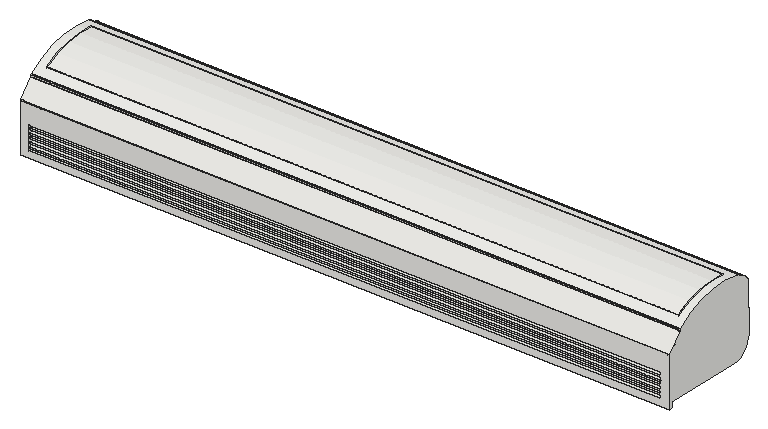
Revit family "ELiS C-E-150-bílá_RFA_2019", category Electrical Fixtures, host Face, Revit 2019
Family settings
  Host = Face
  Maintain Annotation Orientation = No
  Round Connector Dimension = Use Diameter
  Part Type = Normal
  Cut with Voids When Loaded = No
  Shared = No
  Room Calculation Point = No
Parameters (values of type "ELiS C-E-150, 3x400, 3 rychlost")
  Weight of unit = 19.90 kg
  URL = "www.hydronic.cz"
  Type Comments = "vnitřní instalace, neprašné prostředí; IP21; max dosah 3m na 3 rychlost"
  Second Material = FLOWAIR-PerforatedSteel-White
  Rated current = 14.5 A
  Product data = ""
  Product code = "14291; bílá, délka 150cm, elektrická"
  Power supply = 400 V
  Power ratio = 1
  Number of phases = 3
  Manufacturer = "Hydronic Systems Prague s.r.o."
  Main Material = FLOWAIR-Steel-White
  Load classification = Other
  Length = 1500.00 mm  # constant formula
  Heating capacity = 10 kW
  Fan = "Single phase motor with diagonal rotor"
  Description = "Dveřní clona"
  Model = "ELiS C-E-150"
  IP = "21"
  Default Elevation = 2200.00 mm
  Author = ""
  Apparent power = if(Power supply = 400 V, 230 V * 3 * Rated current, 230 V * Rated current)  # 10005 VA
Types (6, lengths in mm): name | Rated current | Power supply | Number of phases | Heating capacity | Apparent power
  ELiS C-E-150, 3x400, 1 rychlost | 13.7 A | 400 V | 3 | 9.5 kW | 9453 VA
  ELiS C-E-150, 3x400, 2 rychlost | 14 A | 400 V | 3 | 9.7 kW | 9660 VA
  ELiS C-E-150, 3x400, 3 rychlost | 14.5 A | 400 V | 3 | 10 kW | 10005 VA
  ELiS C-E-150, 1x230, 1 rychlost | 41.1 A | 230 V | 1 | 9.5 kW | 9453 VA
  ELiS C-E-150, 1x230, 2 rychlost | 42 A | 230 V | 1 | 9.7 kW | 9660 VA
  ELiS C-E-150, 1x230, 3 rychlost | 43.5 A | 230 V | 1 | 10 kW | 10005 VA
Reference planes
  plane 1 "Środek (Przód/Tył)": y = 0
  plane 2: z = 0
  plane 3 "Środek (Lewa/Prawa)": x = 0
Dimensions and locks
  aligned and locked: plane 2 to host face
  aligned and locked: level to host face
  aligned and locked: plane 3 "Środek (Lewa/Prawa)" to nested 1
  aligned and locked: plane 1 "Środek (Przód/Tył)" to nested 1
Nested families
  nested 1: "ELiS C-E" at (0, 0, 0), type "ELiS C-E"
    with długość 1500.00 mm
Connectors
  electrical at (0, 235.182, 54.049), driven by "Power supply", driven by "Apparent power", driven by "Power ratio", driven by "Load classification", driven by "Number of phases"
    settings: on nested 1, index 9, voltage 400 V, apparent load 10005 VA, apparent load phase1 0 VA, apparent load phase2 0 VA, apparent load phase3 0 VA, power factor 1, load classification "Other", number of poles 3, system type 30, power factor state 1, is connector primary yes, connector utility no, sub classification motor no, connector description ""
  electrical at (-59, 235.182, 85.024)
    settings: on nested 1, index 10, voltage 0 V, apparent load 0 VA, apparent load phase1 0 VA, apparent load phase2 0 VA, apparent load phase3 0 VA, power factor 1, load classification "Other", number of poles 1, system type 13, power factor state 1, is connector primary no, connector utility no, sub classification motor no, connector description "TS regulator"
  electrical at (59, 235.182, 85.024)
    settings: on nested 1, index 11, voltage 0 V, apparent load 0 VA, apparent load phase1 0 VA, apparent load phase2 0 VA, apparent load phase3 0 VA, power factor 1, load classification "Other", number of poles 1, system type 13, power factor state 1, is connector primary no, connector utility no, sub classification motor no, connector description "Limit switches"
Definition of nested family "ELiS C-E"
  Parameters
    materiał perforacja = none
    materiał = none
    długość = 1000.00 mm
  Reference planes
    plane 1 "Środek (Przód/Tył)": y = 0
    plane 2: z = 0
    plane 3 "Środek (Lewa/Prawa)": x = 0
    plane 4: x = -500
    plane 5: x = 500
    plane 6: x = -480
    plane 7: x = 480
    plane 8: x = 250
    plane 9: x = -250
  Forms (mm)
    Extrusion 1, solid, material <- "materiał", detail levels medium
      sketch origin (0, 300, 0) x (0, 1, 0) y (0, 0, 1)
        loop
          line (-72.756, 170.564) -> (-81.693, 181.358)
          arc (-81.693, 181.358) -> (-82.051, 181.684) -> (-82.482, 181.903) r 1.8
          line (-82.482, 181.903) -> (-98.157, 187.357)
          arc (-98.157, 187.357) -> (-98.505, 187.566) -> (-98.742, 187.895) r 1
          line (-98.742, 187.895) -> (-99.846, 190.375)
          arc (-99.846, 190.375) -> (-100.355, 191.039) -> (-101.109, 191.402) r 1.8
          arc (-101.109, 191.402) -> (-188.803, 190.806) -> (-267.88, 152.892) r 200.8
          arc (-267.88, 152.892) -> (-268.406, 152.22) -> (-268.563, 151.381) r 1.8
          line (-268.563, 151.381) -> (-268.42, 148.651)
          arc (-268.42, 148.651) -> (-268.477, 148.263) -> (-268.678, 147.927) r 1
          line (-268.678, 147.927) -> (-299.538, 113.654)
          arc (-299.538, 113.654) -> (-299.88, 113.094) -> (-300, 112.449) r 1.8
          line (-300, 112.449) -> (-300, 0) -> (-292.2, 0) -> (-292.2, 13.085) -> (-113.282, 13.085)
          arc (-113.282, 13.085) -> (-84.316, 25.083) -> (-72.318, 54.049) r 40.964
          line (-72.318, 54.049) -> (-72.318, 169.336)
          arc (-72.318, 169.336) -> (-72.431, 169.988) -> (-72.756, 170.564) r 1.943
      from -500 to 500
    Extrusion 2, solid, material <- "materiał", detail levels coarse
      sketch origin (0, 0, 0) x (0, 1, 0) y (0, 0, 1)
        loop
          arc (227.682, 182.867) -> (103.817, 188.954) -> (0, 121.12) r 200.8
          line (0, 121.12) -> (0, 0) -> (227.682, 0) -> (227.682, 182.867)
      from -500 to 500
    Extrusion 3, solid, material <- "materiał", detail levels fine
      sketch origin (0, 0, 0) x (0, 1, 0) y (0, 0, 1)
        loop
          line (227.244, 170.564) -> (218.307, 181.358)
          arc (218.307, 181.358) -> (217.949, 181.684) -> (217.518, 181.903) r 1.8
          line (217.518, 181.903) -> (201.843, 187.357)
          arc (201.843, 187.357) -> (201.495, 187.566) -> (201.258, 187.895) r 1
          line (201.258, 187.895) -> (200.154, 190.375)
          arc (200.154, 190.375) -> (199.645, 191.039) -> (198.891, 191.402) r 1.8
          arc (198.891, 191.402) -> (111.197, 190.806) -> (32.12, 152.892) r 200.8
          arc (32.12, 152.892) -> (31.594, 152.22) -> (31.437, 151.381) r 1.8
          line (31.437, 151.381) -> (31.58, 148.651)
          arc (31.58, 148.651) -> (31.523, 148.263) -> (31.322, 147.927) r 1
          line (31.322, 147.927) -> (0.462, 113.654)
          arc (0.462, 113.654) -> (0.12, 113.094) -> (0, 112.449) r 1.8
          line (0, 112.449) -> (0, 0) -> (7.8, 0) -> (7.8, 13.085) -> (186.718, 13.085)
          arc (186.718, 13.085) -> (215.684, 25.083) -> (227.682, 54.049) r 40.964
          line (227.682, 54.049) -> (227.682, 169.336)
          arc (227.682, 169.336) -> (227.569, 169.988) -> (227.244, 170.564) r 1.943
      from -500 to 500
    Extrusion 4, void
      sketch origin (0, 0, 0) x (0, 1, 0) y (0, 0, 1)
        loop
          line (52, 224.939) -> (52, 114.939) -> (180, 114.939) -> (180, 224.939) -> (52, 224.939)
      from -480 to 480
    Extrusion 5, solid, material <- "materiał perforacja", detail levels fine
      sketch origin (0, 0, 0) x (0, 1, 0) y (0, 0, 1)
        loop
          arc (180, 194.56) -> (113.664, 191.359) -> (52, 166.696) r 200.8
          line (52, 166.696) -> (52, 164.35)
          arc (52, 164.35) -> (113.61, 189.3) -> (180, 192.546) r 198.8
          line (180, 192.546) -> (180, 194.56)
      from -480 to 480
    Extrusion 6, void
      sketch origin (0, 0, 0) x (0, 1, 0) y (0, 0, 1)
        loop
          line (0, 15.085) -> (25, 15.085) -> (25, 70.085) -> (0, 70.085) -> (0, 62.585) -> (15, 62.585) -> (15, 60.585) -> (0, 60.585) -> (0, 53.085) -> (15, 53.085) -> (15, 51.085) -> (0, 51.085) -> (0, 43.585) -> (15, 43.585) -> (15, 41.585) -> (0, 41.585) -> (0, 34.085) -> (15, 34.085) -> (15, 32.085) -> (0, 32.085) -> (0, 24.585) -> (15, 24.585) -> (15, 22.585) -> (0, 22.585) -> (0, 15.085)
      from -480 to 480
    Extrusion 7, solid, material <- "materiał"
      sketch origin (0, 0, 0) x (0, 1, 0) y (0, 0, 1)
        loop
          line (10, 0) -> (172, 0) -> (172, 13.085) -> (10, 13.085) -> (10, 0)
      from -250 to 250
    Extrusion 8, solid, material <- "materiał"
      sketch origin (0, 0, 0) x (0, 1, 0) y (0, 0, 1)
        loop
          line (227.682, 54.049) -> (242.682, 54.049) -> (242.682, 116) -> (227.682, 116) -> (227.682, 54.049)
      from -59 to 59
  Cuts and joins
    Extrusion 4, Extrusion 6 cuts Extrusion 3
  Dimensions and locks
    equal spacing: plane 4, plane 3 "Środek (Lewa/Prawa)", plane 5
    "długość": plane 4 to plane 5
    locked: plane 4 to plane 6 at 20
    locked: plane 7 to plane 5 at 20
    equal spacing: plane 4, plane 9, plane 3 "Środek (Lewa/Prawa)"
    equal spacing: plane 3 "Środek (Lewa/Prawa)", plane 8, plane 5
    aligned and locked: level to plane 2
    aligned and locked: Extrusion 2 to plane 4
    aligned and locked: Extrusion 1 to plane 4
    aligned and locked: Extrusion 2 to plane 5
    aligned and locked: Extrusion 1 to plane 5
    aligned and locked: Extrusion 3 to plane 4
    aligned and locked: Extrusion 3 to plane 5
    aligned and locked: Extrusion 4 to plane 6
    aligned and locked: Extrusion 4 to plane 7
    aligned and locked: Extrusion 5 to plane 6
    aligned and locked: Extrusion 5 to plane 7
    aligned and locked: Extrusion 6 to plane 7
    aligned and locked: Extrusion 6 to plane 6
    aligned and locked: plane 8 to Extrusion 7
    aligned and locked: plane 9 to Extrusion 7
  Automatic sketch dimensions
    Extrusion 1 sketch curve to level = 0.00 mm
    Extrusion 1 sketch curve to plane 1 "Środek (Przód/Tył)" = 0.00 mm
    Extrusion 1 sketch curve to Extrusion 1 sketch curve = 1.80 mm
    Extrusion 1 sketch curve to plane 1 "Środek (Przód/Tył)" = 7.80 mm
    Extrusion 1 sketch curve to plane 1 "Środek (Przód/Tył)" = 30.581 mm
    Extrusion 1 sketch curve to Extrusion 1 sketch curve = 0.742 mm
    Extrusion 1 sketch curve to Extrusion 1 sketch curve = 0.856 mm
    Extrusion 1 sketch curve to Extrusion 1 sketch curve = 1.797 mm
    Extrusion 1 sketch curve to plane 1 "Środek (Przód/Tył)" = 156.375 mm
    Extrusion 1 sketch curve to Extrusion 1 sketch curve = 30.343 mm
    Extrusion 1 sketch curve to Extrusion 1 sketch curve = 165.276 mm
    Extrusion 1 sketch curve to Extrusion 1 sketch curve = 3.662 mm
    Extrusion 1 sketch curve to Extrusion 1 sketch curve = 14.754 mm
    Extrusion 1 sketch curve to Extrusion 1 sketch curve = 1.38 mm
    Extrusion 1 sketch curve to Extrusion 1 sketch curve = 8.812 mm
    Extrusion 1 sketch curve to Extrusion 1 sketch curve = 1.505 mm
    Extrusion 1 sketch curve to Extrusion 1 sketch curve = 40.964 mm
    Extrusion 1 sketch curve to Extrusion 1 sketch curve = 13.085 mm
    Extrusion 1 sketch curve to Extrusion 1 sketch curve = 58.894 mm
    Extrusion 1 sketch curve to Extrusion 1 sketch curve = 117.295 mm
    Extrusion 1 sketch curve to Extrusion 1 sketch curve = 35.478 mm
    Extrusion 1 sketch curve to Extrusion 1 sketch curve = 0.671 mm
    Extrusion 1 sketch curve to Extrusion 1 sketch curve = 2.783 mm
    Extrusion 1 sketch curve to Extrusion 1 sketch curve = 0.097 mm
    Extrusion 1 sketch curve to Extrusion 1 sketch curve = 174.181 mm
    Extrusion 1 sketch curve to Extrusion 1 sketch curve = 10.867 mm
    Extrusion 1 sketch curve to Extrusion 1 sketch curve = 1.155 mm
    Extrusion 1 sketch curve to Extrusion 1 sketch curve = 8.099 mm
    Extrusion 1 sketch curve to Extrusion 1 sketch curve = 1.341 mm
    Extrusion 1 sketch curve to plane 1 "Środek (Przód/Tył)" = 0.462 mm
    Extrusion 1 sketch curve to Extrusion 1 sketch curve = 0.00 mm  (x14)
    Extrusion 1 sketch curve to Extrusion 1 sketch curve = 0.257 mm
    Extrusion 1 sketch curve to Extrusion 1 sketch curve = 1.263 mm
    Extrusion 1 sketch curve to Extrusion 1 sketch curve = 0.914 mm
    Extrusion 1 sketch curve to Extrusion 1 sketch curve = 0.585 mm
    Extrusion 1 sketch curve to Extrusion 1 sketch curve = 0.789 mm
    Extrusion 1 sketch curve to Extrusion 1 sketch curve = 0.944 mm
    Extrusion 2 sketch curve to level = 0.00 mm
    Extrusion 2 sketch curve to Extrusion 2 sketch curve = 71.306 mm
    Extrusion 2 sketch curve to Extrusion 2 sketch curve = 4.846 mm
    Extrusion 2 sketch curve to plane 1 "Środek (Przód/Tył)" = 0.00 mm
    Extrusion 2 sketch curve to Extrusion 2 sketch curve = 125.966 mm
    Extrusion 2 sketch curve to plane 1 "Środek (Przód/Tył)" = 156.375 mm
    plane 1 "Środek (Przód/Tył)" to Extrusion 3 sketch curve = 0.00 mm
    Extrusion 3 sketch curve to Extrusion 3 sketch curve = 1.80 mm
    Extrusion 3 sketch curve to Extrusion 3 sketch curve = 7.80 mm
    Extrusion 3 sketch curve to Extrusion 3 sketch curve = 28.781 mm
    Extrusion 3 sketch curve to Extrusion 3 sketch curve = 0.742 mm
    Extrusion 3 sketch curve to Extrusion 3 sketch curve = 0.856 mm
    Extrusion 3 sketch curve to Extrusion 3 sketch curve = 1.797 mm
    Extrusion 3 sketch curve to Extrusion 3 sketch curve = 148.575 mm
    Extrusion 3 sketch curve to Extrusion 3 sketch curve = 30.343 mm
    Extrusion 3 sketch curve to Extrusion 3 sketch curve = 165.276 mm
    Extrusion 3 sketch curve to Extrusion 3 sketch curve = 3.662 mm
    Extrusion 3 sketch curve to Extrusion 3 sketch curve = 14.754 mm
    Extrusion 3 sketch curve to Extrusion 3 sketch curve = 1.38 mm
    Extrusion 3 sketch curve to Extrusion 3 sketch curve = 8.812 mm
    Extrusion 3 sketch curve to Extrusion 3 sketch curve = 1.505 mm
    Extrusion 3 sketch curve to Extrusion 3 sketch curve = 40.964 mm
    level to Extrusion 3 sketch curve = 0.00 mm
    Extrusion 3 sketch curve to Extrusion 3 sketch curve = 13.085 mm
    Extrusion 3 sketch curve to Extrusion 3 sketch curve = 58.894 mm
    Extrusion 3 sketch curve to Extrusion 3 sketch curve = 117.295 mm
    Extrusion 3 sketch curve to Extrusion 3 sketch curve = 35.478 mm
    Extrusion 3 sketch curve to Extrusion 3 sketch curve = 0.671 mm
    Extrusion 3 sketch curve to Extrusion 3 sketch curve = 2.783 mm
    Extrusion 3 sketch curve to Extrusion 3 sketch curve = 0.097 mm
    Extrusion 3 sketch curve to Extrusion 3 sketch curve = 174.181 mm
    Extrusion 3 sketch curve to Extrusion 3 sketch curve = 10.867 mm
    Extrusion 3 sketch curve to Extrusion 3 sketch curve = 1.155 mm
    Extrusion 3 sketch curve to Extrusion 3 sketch curve = 8.099 mm
    Extrusion 3 sketch curve to Extrusion 3 sketch curve = 1.341 mm
    Extrusion 3 sketch curve to Extrusion 3 sketch curve = 0.462 mm
    Extrusion 3 sketch curve to Extrusion 3 sketch curve = 0.00 mm  (x14)
    Extrusion 3 sketch curve to Extrusion 3 sketch curve = 0.257 mm
    Extrusion 3 sketch curve to Extrusion 3 sketch curve = 1.263 mm
    Extrusion 3 sketch curve to Extrusion 3 sketch curve = 0.914 mm
    Extrusion 3 sketch curve to Extrusion 3 sketch curve = 0.585 mm
    Extrusion 3 sketch curve to Extrusion 3 sketch curve = 0.789 mm
    Extrusion 3 sketch curve to Extrusion 3 sketch curve = 0.944 mm
    Extrusion 4 sketch curve to Extrusion 4 sketch curve = 128.00 mm
    level to Extrusion 4 sketch curve = 114.939 mm
    Extrusion 4 sketch curve to Extrusion 4 sketch curve = 110.00 mm
    Extrusion 4 sketch curve to plane 1 "Środek (Przód/Tył)" = 52.00 mm
    Extrusion 5 sketch curve to plane 1 "Środek (Przód/Tył)" = 156.375 mm
    Extrusion 5 sketch curve to level = 4.846 mm
    Extrusion 5 sketch curve to plane 1 "Środek (Przód/Tył)" = 52.00 mm
    Extrusion 5 sketch curve to Extrusion 5 sketch curve = 23.625 mm
    Extrusion 5 sketch curve to Extrusion 5 sketch curve = 25.85 mm
    Extrusion 5 sketch curve to Extrusion 5 sketch curve = 2.346 mm
    Extrusion 5 sketch curve to Extrusion 5 sketch curve = 0.00 mm  (x2)
    Extrusion 7 sketch curve to level = 0.00 mm
    Extrusion 7 sketch curve to plane 1 "Środek (Przód/Tył)" = 10.00 mm
    Extrusion 7 sketch curve to Extrusion 7 sketch curve = 162.00 mm
    level to Extrusion 7 sketch curve = 13.085 mm
    Extrusion 8 sketch curve to plane 1 "Środek (Przód/Tył)" = 227.682 mm
    level to Extrusion 8 sketch curve = 116.00 mm
    level to Extrusion 8 sketch curve = 54.049 mm
    Extrusion 8 sketch curve to Extrusion 8 sketch curve = 15.00 mm
    Extrusion 6 sketch curve to plane 1 "Środek (Przód/Tył)" = 0.00 mm  (x6)
    Extrusion 6 sketch curve to Extrusion 6 sketch curve = 15.00 mm
    Extrusion 6 sketch curve to Extrusion 6 sketch curve = 0.00 mm  (x4)
    Extrusion 6 sketch curve to Extrusion 6 sketch curve = 10.00 mm
    level to Extrusion 6 sketch curve = 15.085 mm
    Extrusion 6 sketch curve to Extrusion 6 sketch curve = 7.50 mm  (x6)
    Extrusion 6 sketch curve to Extrusion 6 sketch curve = 2.00 mm  (x5)
